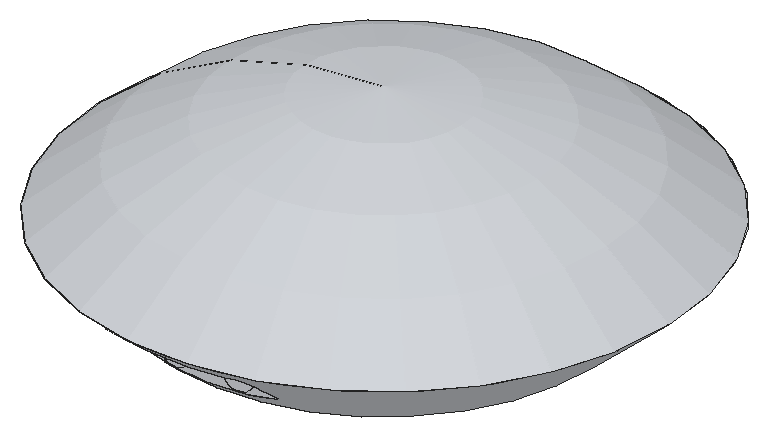
Revit family "0049014 Sylvania Lighting Fixture Start Surface IP66 1450lm 830 MW+EM IK10 BLK", category Lighting Fixtures, host Face, Revit 2016
Family settings
  Host = Face
  Part Type = Normal
  Round Connector Dimension = Use Diameter
  OmniClass Number = 23.80.70.00
  OmniClass Title = Lighting
  Cut with Voids When Loaded = No
  Light Source = Yes
  Shared = No
  Room Calculation Point = No
Parameters (values of type "Type Name")
  power entry width = 90 mm
  power entry height = 28 mm
  power connector height = 12.5 mm
  power connector centres = 39 mm
  height = 110 mm
  connector position 2 = 40 mm
  connector length = 2 mm
  base height = 40 mm
  backplate diameter = 256 mm
  Weight = ""
  Wattage Comments = ""
  Wattage = 9.2903 W
  WarrantyStartDate [instance] = "n/a"
  WarrantyGuarantorParts = "n/a"
  WarrantyDurationUnit = "n/a"
  WarrantyDurationParts = "n/a"
  WarrantyDescription = "n/a"
  built-in parameter 1150110 = 1 (stored number, unit not read)
  Voltage = 0 V
  URL = "http://www.feilosylvania.com"
  TypeName = ""
  Type Image = <None>
  Type Comments = "n/a"
  Tube Diameter = 80 mm
  built-in parameter 1114217 = 1 (stored number, unit not read)
  Tilt Angle = 90.00°
  built-in parameter 1150109 = 1 (stored number, unit not read)
  built-in parameter 1150134 = 3
  built-in parameter 1150113 = 1 (stored number, unit not read)
  SerialNumber [instance] = "n/a"
  Photometric Web File = "0049014-300mA.ies"
  Material_3_FEILO = none
  PowerFactor = 0
  PowerConsumption = ""
  NominalLength = 0 mm
  NominalHeight = 0 mm
  NominalDepth = 0 mm
  Name = ""
  ModelReference = Name  # ""
  ModelNumber = ""
  Model = Name  # ""
  Material = ""
  ManufacturerName = "Feilo Sylvania"
  Manufacturer = "Feilo Sylvania"
  LuminousEfficacy = ""
  built-in parameter 1150105 = 109.82 (stored number, unit not read)
  Lumens = 1380 lm
  LuminaireType = ""
  built-in parameter 1150115 = 1 (stored number, unit not read)
  LightOutputRatio = ""
  built-in parameter 1150137 = (empty or 0)
  built-in parameter 1150139 = (empty or 0)
  LampsType = Lamp  # ""
  LampNominalLuminous = ""
  LampMacAdamStep = ""
  LampColourTemperature = ""
  LampColourRenderingIndex = ""
  built-in parameter 1150112 = 1 (stored number, unit not read)
  built-in parameter 1150114 = 1 (stored number, unit not read)
  Lamp = ""
  Keynote = "16500"
  InstallationDate [instance] = "n/a"
  InputVoltage = ""
  InputNominalFrequency = ""
  built-in parameter 1150132 = (empty or 0)
  built-in parameter 1150102 = (empty or 0)
  built-in parameter 1150107 = 3200 (stored number, unit not read)
  built-in parameter 1150138 = (empty or 0)
  IngressProtection = ""
  ImpactProtectionIndex = ""
  built-in parameter 1150106 = 1.0982 (stored number, unit not read)
  IfcExportType = "IfcLightFixtureType"
  IfcExportAs = "IfcLightFixtureType"
  Height = 250 mm
  ExpectedLife = 50000
  Emit from Circle Diameter = 609.6 mm
  Emit Shape Visible in Rendering = no
  ElectricShockClassification = ""
  built-in parameter 1150104 = 13.8 (stored number, unit not read)
  DurationUnit = "hours"
  DocumentationLiterature = ""
  DimmingControlOptions = ""
  Material_2_FEILO = none
  Dimming Lamp Color Temperature Shift = <None>
  Diameter = 350 mm
  Description = ""
  Default Elevation = 1219.2 mm
  CreatedOn = ""
  CreatedBy = ""
  Cost = 0
  Color Filter = 16777215
  built-in parameter 1114216 [instance] = (empty or 0)
  ClassificationValue = "EF_70_80"
  ClassificationName = "Uniclass2015"
  Material_1_FEILO = none
  BarCode [instance] = "n/a"
  built-in parameter 1114218 = 1 (stored number, unit not read)
  built-in parameter 1150133 = 10 (stored number, unit not read)
  AssetType = ""
  AssetIdentifier [instance] = "n/a"
  Assembly Code = "D5020200"
  Apparent Load = 0 VA
  Material_4_FEILO = none
Reference planes
  plane 1 "Center (Front/Back)": y = 0
  plane 2: z = 0
  plane 3 "Center (Left/Right)": x = 0
  plane 4: z = 0
  plane 5: y = 128
  plane 6: y = -128
  plane 7: y = 175
  plane 8: y = -175
  plane 9: z = 40
  plane 10: z = 110
  plane 11: x = -45.686
  plane 12: x = 44.314
  plane 13: z = 5
  plane 14: z = 33
  plane 15: y = -135
  plane 16: x = 19.5
  plane 17: x = -19.5
  plane 18: z = 20.5
  plane 19: y = -137
  plane 20: y = 135
Forms (mm)
  Blend 1, solid, detail levels medium+fine
    base sketch origin (4.2, 0, 0) x (1, 0, 0) y (0, 1, 0)
      loop
        circle (-4.2, 0) r 128
    top sketch origin (4.2, 0, 0) x (1, 0, 0) y (0, 1, 0)
      loop
        circle (-4.2, 0) r 175
    from 0 to 40
  Revolve 2, solid, detail levels medium+fine
    sketch origin (0, 0, 0) x (1, 0, 0) y (0, 0, 1)
      loop
        arc (175, 40) -> (94.148, 91.621) -> (0, 110) r 257.018
        line (0, 110) -> (0, 40) -> (175, 40)
      axis (0, 110) -> (0, 40)
    angle from -180 to 179.914
  Extrusion 3, void
    sketch origin (0, 0, 0) x (1, 0, 0) y (0, 0, 1)
      loop
        line (-45.686, 25.025) -> (-45.686, 5) -> (44.314, 5) -> (44.314, 25.025)
        arc (44.314, 25.025) -> (42.644, 30.018) -> (38.304, 33) r 8.297
        line (38.304, 33) -> (-39.676, 33)
        arc (-39.676, 33) -> (-44.015, 30.018) -> (-45.686, 25.025) r 8.297
    from 135 to 166.869
  Extrusion 4, solid, detail levels fine
    sketch origin (1524, -324.9, 1219.2) x (1, 0, 0) y (0, 0, 1)
      loop
        circle (-1504.5, -1198.7) r 11
      loop
        circle (-1543.5, -1198.7) r 11
    from -189.9 to -187.9
  Extrusion 5, void
    sketch origin (-0.686, -5.131, 0) x (-1, 0, 0) y (0, 0, 1)
      loop
        line (-45.686, 25.025) -> (-45.686, 5) -> (44.314, 5) -> (44.314, 25.025)
        arc (44.314, 25.025) -> (42.644, 30.018) -> (38.304, 33) r 8.297
        line (38.304, 33) -> (-39.676, 33)
        arc (-39.676, 33) -> (-44.015, 30.018) -> (-45.686, 25.025) r 8.297
    from 140.131 to 175.131
  Extrusion 6, solid
    sketch origin (1524, -52.9, 1219.2) x (1, 0, 0) y (0, 0, 1)
      loop
        circle (-1504.5, -1198.7) r 11
      loop
        circle (-1543.5, -1198.7) r 11
    from -189.9 to -187.9
  Extrusion 7, solid, detail levels coarse
    sketch origin (0, 1219.2, 38) x (1, 0, 0) y (0, 1, 0)
      loop
        line (175.117, -1396.13) -> (175.117, -1044.2) -> (-175, -1044.2) -> (-175, -1396.13) -> (175.117, -1396.13)
    from -38 to 72
Cuts and joins
  Extrusion 3, Extrusion 5 cuts Blend 1
  Extrusion 5 cuts Extrusion 4
Dimensions and locks
  "backplate diameter": plane 5 to plane 6
  equal spacing: plane 5, plane 1 "Center (Front/Back)", plane 6
  "Diameter": plane 7 to plane 8
  equal spacing: plane 7, plane 1 "Center (Front/Back)", plane 8
  "base height": plane 9 to level
  "height": plane 10 to host face
  "power entry width": plane 12 to plane 11
  plane 12 to imposter light to plane 11 = 44.201 mm, 45.799 mm
  "power entry height": plane 14 to plane 13
  "power connector centres": plane 17 to plane 16
  equal spacing: plane 17, plane 3 "Center (Left/Right)", plane 16
  "power connector height": plane 18 to plane 14
  "connector length": plane 15 to plane 19
  "connector position 2": plane 7 to plane 20
  aligned and locked: plane 2 to host face
  aligned and locked: level to host face
  aligned and locked: plane 10 to Extrusion 7
Automatic sketch dimensions
  host sketch curve to host sketch curve = 2438.4 mm  (x2)
  plane 1 "Center (Front/Back)" to Blend 1 sketch curve = 0 mm  (x2)
  Blend 1 sketch curve to plane 3 "Center (Left/Right)" = 0 mm  (x2)
  Revolve 2 sketch curve to plane 3 "Center (Left/Right)" = 0 mm  (x2)
  Revolve 2 sketch curve to plane 9 = 0 mm
  Revolve 2 sketch curve to plane 10 = 0 mm
  Revolve 2 sketch curve to plane 3 "Center (Left/Right)" = 1.306 mm
  plane 3 "Center (Left/Right)" to Revolve 2 sketch curve = 175 mm
  Revolve 2 sketch curve to level = 47.821 mm
  Revolve 2 sketch curve to Revolve 2 sketch curve = 80 mm
  Extrusion 3 sketch curve to plane 11 = 0 mm
  Extrusion 3 sketch curve to plane 14 = 0 mm
  Extrusion 3 sketch curve to plane 12 = 0 mm
  Extrusion 3 sketch curve to plane 13 = 0 mm
  plane 11 to Extrusion 3 sketch curve = 6.01 mm
  plane 18 to Extrusion 3 sketch curve = 4.525 mm  (x2)
  Extrusion 3 sketch curve to Extrusion 3 sketch curve = 8.297 mm
  plane 17 to Extrusion 4 sketch curve = 0 mm
  plane 16 to Extrusion 4 sketch curve = 0 mm
  Extrusion 4 sketch curve to plane 18 = 0 mm  (x2)
  Extrusion 5 sketch curve to plane 13 = 0 mm
  Extrusion 5 sketch curve to plane 14 = 0 mm
  plane 12 to Extrusion 5 sketch curve = 0.686 mm
  Extrusion 5 sketch curve to plane 12 = 5.324 mm
  plane 18 to Extrusion 5 sketch curve = 4.525 mm
  plane 11 to Extrusion 5 sketch curve = 8.982 mm
  plane 11 to Extrusion 5 sketch curve = 6.696 mm
  plane 11 to Extrusion 5 sketch curve = 0.686 mm
  plane 17 to Extrusion 6 sketch curve = 0 mm
  plane 16 to Extrusion 6 sketch curve = 0 mm
  Extrusion 6 sketch curve to plane 18 = 0 mm  (x2)
  Extrusion 7 sketch curve to plane 8 = 1.93 mm
  Extrusion 7 sketch curve to plane 11 = 129.314 mm
  plane 12 to Extrusion 7 sketch curve = 130.802 mm
  plane 5 to Extrusion 7 sketch curve = 47 mm
  radius of Blend 1 sketch curve = 128 mm
  radius of Blend 1 sketch curve = 175 mm
  radius of Extrusion 4 sketch curve = 11 mm  (x2)
  radius of Extrusion 6 sketch curve = 11 mm  (x2)
Connectors
  electrical at (19.5, 137, 20.5)
    settings: on Extrusion 6, index 1, voltage 0 V, apparent load 0 VA, apparent load phase1 0 VA, apparent load phase2 0 VA, apparent load phase3 0 VA, power factor 1, load classification "Other", number of poles 1, system type 31, power factor state 1, is connector primary yes, connector utility no, sub classification motor no, connector description ""
